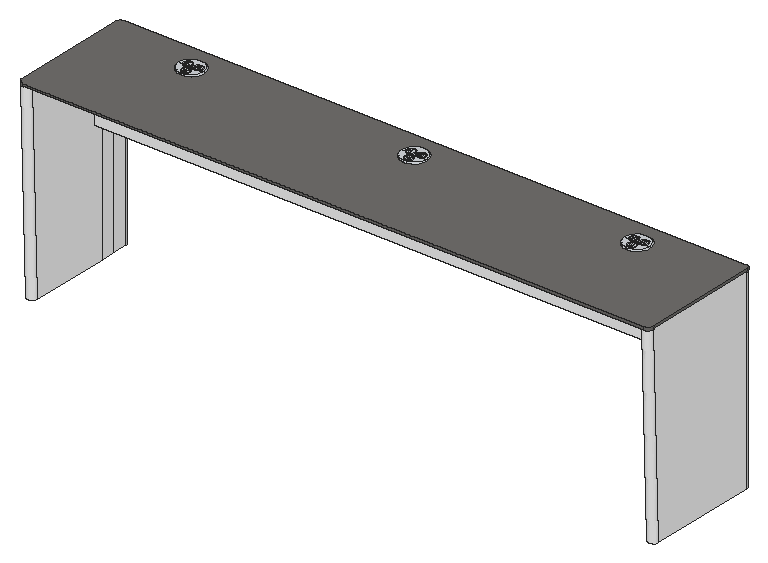
Revit family "Table-Without_Shelf-Teknion-STCRT-Cavu_Parsons_Table-With_Power-R2014", category Furniture, Revit 2014
Parameters (values of type "119" w x 24" d x 37" h")
  Width = 9' - 11"
  Warranty = "http://www.teknionstudio.com/pdfs/Teknion%20Studio%20Warranty.pdf"
  Voltage = 125 V  # constant formula
  Unit Weight = 0.00 kip  # constant formula
  URL = "www.teknionstudio.com"
  Table Finish [instance] = Veneer - StudioTK - P7 - Weathered
  Series = "Studio"  # constant formula
  Product Page URL = ""
  Product Line = "Cavu"  # constant formula
  Product Documentation Link = "http://www.teknionstudio.com/pricing/STCRT_ppg.pdf"
  Power Finish [instance] = Paint - StudioTK - 7Y - Storm_White_Coordinate
  Power Factor = 1  # constant formula
  Part Number = "STCRT"  # constant formula
  Number of Poles = 1
  Number of Outlets = if(Width = 6' 0", 2, 3)  # 3
  Model = "STCRT1192437SN"
  Manufacturer Phone = "919-464-2920"  # constant formula
  Manufacturer Fax = "919-464-2927"  # constant formula
  Manufacturer Email = "customersupport@teknionstudio.com"
  Manufacturer Address = "3941 US 70 Business HWY West, Clayton, NC 27520"  # constant formula
  Manufacturer = "StudioTK"  # constant formula
  Low Emitting Material = yes
  Low Emitting Finish = yes
  Leg grommet offset = if(Depth = 2' 0", 0' 3", 1' 5 1/2")  # 0' - 3"
  Leg Offset Side B = if(Depth = 2' 0", 0' 1 1/16", 0' 2 5/16")  # 0' - 1 1/16"
  Height = 3' - 1"
  Gable Offset = if(Depth = 2' 0", 1' 3 1/2", 1' 5 1/2")  # 1' - 3 1/2"
  Description = "Cavu Parsons Table, 119\"W / 302cm, 24\"D / 61cm, 37\"H / 94cm, With Shelf, Without Power"
  Depth = 2' - 0"
  Connector Description = "Parsons Table USB & Power"  # constant formula
  Base Finish [instance] = Metal - StudioTK - V - Painted Very White
  Assembly Code = "E2020200"
Types (12): name | Width | Number of Outlets | Model | Leg grommet offset | Leg Offset Side B | Height | Gable Offset | Description | Depth
  72" w x 24" d x 37" h | 6' - 0" | 2 | "STCRT722437SN" | 0' - 3" | 0' - 1 1/16" | 3' - 1" | 1' - 3 1/2" | "Cavu Parsons Table, 72\"W / 183cm, 24\"D / 61cm, 37\"H / 94cm, With Shelf, Without Power" | 2' - 0"
  72" w x 24" d x 43" h | 6' - 0" | 2 | "STCRT722443SN" | 0' - 3" | 0' - 1 1/16" | 3' - 7" | 1' - 3 1/2" | "Cavu Parsons Table, 72\"W / 183cm, 24\"D / 61cm, 43\"H / 109cm, With Shelf, Without Power" | 2' - 0"
  72" w x 42" d x 37" h | 6' - 0" | 2 | "STCRT724237SN" | 1' - 5 1/2" | 0' - 2 5/16" | 3' - 1" | 1' - 5 1/2" | "Cavu Parsons Table, 72\"W / 183cm, 42\"D / 107cm, 37\"H / 94cm, With Shelf, Without Power" | 3' - 6"
  72" w x 42" d x 43" h | 6' - 0" | 2 | "STCRT724243SN" | 1' - 5 1/2" | 0' - 2 5/16" | 3' - 7" | 1' - 5 1/2" | "Cavu Parsons Table, 72\"W / 183cm, 42\"D / 107cm, 43\"H / 109cm, With Shelf, Without Power" | 3' - 6"
  95" w x 24" d x 37" h | 7' - 11" | 3 | "STCRT952437SN" | 0' - 3" | 0' - 1 1/16" | 3' - 1" | 1' - 3 1/2" | "Cavu Parsons Table, 95\"W / 241cm, 24\"D / 61cm, 37\"H / 94cm, With Shelf, Without Power" | 2' - 0"
  95" w x 24" d x 43" h | 7' - 11" | 3 | "STCRT952443SN" | 0' - 3" | 0' - 1 1/16" | 3' - 7" | 1' - 3 1/2" | "Cavu Parsons Table, 95\"W / 241cm, 24\"D / 61cm, 43\"H / 109cm, With Shelf, Without Power" | 2' - 0"
  95" w x 42" d x 37" h | 7' - 11" | 3 | "STCRT954237SN" | 1' - 5 1/2" | 0' - 2 5/16" | 3' - 1" | 1' - 5 1/2" | "Cavu Parsons Table, 95\"W / 241cm, 42\"D / 107cm, 37\"H / 94cm, With Shelf, Without Power" | 3' - 6"
  95" w x 42" d x 43" h | 7' - 11" | 3 | "STCRT954243SN" | 1' - 5 1/2" | 0' - 2 5/16" | 3' - 7" | 1' - 5 1/2" | "Cavu Parsons Table, 95\"W / 241cm, 42\"D / 107cm, 43\"H / 109cm, With Shelf, Without Power" | 3' - 6"
  119" w x 24" d x 37" h | 9' - 11" | 3 | "STCRT1192437SN" | 0' - 3" | 0' - 1 1/16" | 3' - 1" | 1' - 3 1/2" | "Cavu Parsons Table, 119\"W / 302cm, 24\"D / 61cm, 37\"H / 94cm, With Shelf, Without Power" | 2' - 0"
  119" w x 24" d x 43" h | 9' - 11" | 3 | "STCRT1192443SN" | 0' - 3" | 0' - 1 1/16" | 3' - 7" | 1' - 3 1/2" | "Cavu Parsons Table, 119\"W / 302cm, 24\"D / 61cm, 43\"H / 109cm, With Shelf, Without Power" | 2' - 0"
  119" w x 42" d x 37" h | 9' - 11" | 3 | "STCRT1194237SN" | 1' - 5 1/2" | 0' - 2 5/16" | 3' - 1" | 1' - 5 1/2" | "Cavu Parsons Table, 119\"W / 302cm, 42\"D / 107cm, 37\"H / 94cm, With Shelf, Without Power" | 3' - 6"
  119" w x 42" d x 43" h | 9' - 11" | 3 | "STCRT1194243SN" | 1' - 5 1/2" | 0' - 2 5/16" | 3' - 7" | 1' - 5 1/2" | "Cavu Parsons Table, 119\"W / 302cm, 42\"D / 107cm, 43\"H / 109cm, With Shelf, Without Power" | 3' - 6"
Reference planes (in)
  plane 1 "Center Front/Back": y = 0
  plane 2: z = 0
  plane 3 "Center Left/Right": x = 0
  plane 4 "Inside Left": x = -57.47
  plane 5 "Inside Right": x = 57.46875
  plane 6 "Front": y = -12
  plane 7 "Back": y = 12
  plane 8 "Left": x = -59.5
  plane 9 "Right": x = 59.5
  plane 10 "Top": z = 37
  plane 11 "Center Glable": y = 3.5
  plane 12: y = -3.5
  plane 13 "offset shelf left": x = -39.05469
  plane 14: x = 39.05469
  plane 15: x = -42
  plane 16: x = 42
Forms (in)
  Extrusion 1, solid, material "Veneer - StudioTK - P7 - Weathered" <- "Table Finish"
    sketch origin (0, 0, 0) x (1, 0, 0) y (0, 1, 0)
      loop
        arc (-58.5, 12) -> (-59.20711, 11.70711) -> (-59.5, 11) r 1
        line (-59.5, 11) -> (-59.5, -11)
        arc (-59.5, -11) -> (-59.20711, -11.70711) -> (-58.5, -12) r 1
        line (-58.5, -12) -> (58.5, -12)
        arc (58.5, -12) -> (59.20711, -11.70711) -> (59.5, -11) r 1
        line (59.5, -11) -> (59.5, 11)
        arc (59.5, 11) -> (59.20711, 11.70711) -> (58.5, 12) r 1
        line (58.5, 12) -> (-58.5, 12)
    from 36.5 to 37
  Extrusion 2, solid, material "Metal - StudioTK - V - Painted Very White" <- "Base Finish"
    sketch origin (0, 0, 0) x (1, 0, 0) y (0, 1, 0)
      loop
        line (-58.485, 7.9375) -> (-58.485, 7.8125) -> (-57.595, 7.8125) -> (-57.595, 5.5625) -> (-58.485, 5.5625) -> (-58.485, 5.4375) -> (-57.47, 5.4375) -> (-57.47, 7.9375) -> (-58.485, 7.9375)
    from 0 to 36.5
  Extrusion 3, solid, material "Metal - StudioTK - V - Painted Very White" <- "Base Finish"
    sketch origin (-57.47, 0, 0) x (0, 1, 0) y (0, 0, 1)
      loop
        line (5, 36.5) -> (3.5, 36.5) -> (3.5, 23.63) -> (5, 23.63) -> (5, 23.75109) -> (3.62109, 23.75109) -> (3.62109, 36.37891) -> (5, 36.37891) -> (5, 36.5)
      loop
        line (9, 36.5) -> (9, 36.37891) -> (10.37891, 36.37891) -> (10.37891, 23.75109) -> (9, 23.75109) -> (9, 23.63) -> (10.5, 23.63) -> (10.5, 36.5) -> (9, 36.5)
    from 0 to 114.93875
  Blend 4, solid, material "Metal - StudioTK - V - Painted Very White" <- "Base Finish"
    base sketch origin (-11.5, 0, 0) x (1, 0, 0) y (0, 1, 0)
      loop
        arc (-48, -9.7) -> (-46.985, -10.715) -> (-45.97, -9.7) r 1.015
        line (-45.97, -9.7) -> (-45.97, 5.4375) -> (-46.985, 5.4375) -> (-46.985, 7.9375) -> (-45.97, 7.9375) -> (-45.97, 10.9375)
        arc (-45.97, 10.9375) -> (-46.985, 11.9525) -> (-48, 10.9375) r 1.015
        line (-48, 10.9375) -> (-48, -9.7)
    top sketch origin (-11.5, 0, 0) x (1, 0, 0) y (0, 1, 0)
      loop
        line (-48, 10.95) -> (-48, -10.9)
        arc (-48, -10.9) -> (-46.985, -11.915) -> (-45.97, -10.9) r 1.015
        line (-45.97, -10.9) -> (-45.97, 5.4375) -> (-46.985, 5.4375) -> (-46.985, 7.9375) -> (-45.97, 7.9375) -> (-45.97, 10.95)
        arc (-45.97, 10.95) -> (-46.985, 11.965) -> (-48, 10.95) r 1.015
    from 0 to 36.5
  Blend 5, solid, material "Metal - StudioTK - V - Painted Very White" <- "Base Finish"
    base sketch origin (11.5, 0, 0) x (-1, 0, 0) y (0, -1, 0)
      loop
        line (-48, 9.7) -> (-48, -10.9375)
        arc (-48, -10.9375) -> (-46.985, -11.9525) -> (-45.97, -10.9375) r 1.015
        line (-45.97, -10.9375) -> (-45.97, -7.9375) -> (-46.985, -7.9375) -> (-46.985, -5.4375) -> (-45.97, -5.4375) -> (-45.97, 9.7)
        arc (-45.97, 9.7) -> (-46.985, 10.715) -> (-48, 9.7) r 1.015
    top sketch origin (11.5, 0, 0) x (-1, 0, 0) y (0, -1, 0)
      loop
        arc (-48, -10.95) -> (-46.985, -11.965) -> (-45.97, -10.95) r 1.015
        line (-45.97, -10.95) -> (-45.97, -7.9375) -> (-46.985, -7.9375) -> (-46.985, -5.4375) -> (-45.97, -5.4375) -> (-45.97, 10.9)
        arc (-45.97, 10.9) -> (-46.985, 11.915) -> (-48, 10.9) r 1.015
        line (-48, 10.9) -> (-48, -10.95)
    from 0 to 36.5
  Extrusion 6, solid, material "Metal - StudioTK - V - Painted Very White" <- "Base Finish"
    sketch origin (0, 0, 0) x (-1, 0, 0) y (0, -1, 0)
      loop
        line (-58.485, -7.9375) -> (-57.46875, -7.9375) -> (-57.46875, -5.4375) -> (-58.485, -5.4375) -> (-58.485, -5.5625) -> (-57.59375, -5.5625) -> (-57.59375, -7.8125) -> (-58.485, -7.8125) -> (-58.485, -7.9375)
    from 0 to 36.5
Lines and regions (in)
  Masking region 1
    outline origin (0, 0, 0) x (1, 0, 0) y (0, 1, 0)
      loop
        arc (-58.5, 12) -> (-59.20711, 11.70711) -> (-59.5, 11) r 1
        line (-59.5, 11) -> (-59.5, -11)
        arc (-59.5, -11) -> (-59.20711, -11.70711) -> (-58.5, -12) r 1
        line (-58.5, -12) -> (58.5, -12)
        arc (58.5, -12) -> (59.20711, -11.70711) -> (59.5, -11) r 1
        line (59.5, -11) -> (59.5, 11)
        arc (59.5, 11) -> (59.20711, 11.70711) -> (58.5, 12) r 1
        line (58.5, 12) -> (-58.5, 12)
  symbolic lines, style "FurnitureHiddenLines", detail levels medium+fine
    curve 1: arc (-59.5, -10.9, 0) -> (-58.485, -11.915, 0) -> (-57.47, -10.9, 0) r 1.015
    curve 2: line (-59.5, 10.9375, 0) -> (-59.5, -10.9, 0)
    curve 3: arc (-57.47, 10.9375, 0) -> (-58.485, 11.9525, 0) -> (-59.5, 10.9375, 0) r 1.015
    curve 4: arc (59.5, 10.9375, 0) -> (58.485, 11.9525, 0) -> (57.47, 10.9375, 0) r 1.015
    curve 5: line (59.5, -10.9, 0) -> (59.5, 10.9375, 0)
    curve 6: arc (57.47, -10.9, 0) -> (58.485, -11.915, 0) -> (59.5, -10.9, 0) r 1.015
    curve 23: line (-57.47, 5, 0) -> (57.47, 5, 0)
    curve 24: line (-57.47, 3.62109, 0) -> (57.47, 3.62109, 0)
    curve 25: line (-57.47, 9, 0) -> (57.47, 9, 0)
    curve 26: line (-57.47, 10.37891, 0) -> (57.47, 10.37891, 0)
    curve 28: line (-57.47, 7.9375, 0) -> (-57.47, 10.9375, 0)
    curve 32: line (-57.47, -10.9, 0) -> (-57.47, 5.4375, 0)
    curve 33: line (57.47, 5.4375, 0) -> (57.47, -10.9, 0)
    curve 37: line (57.47, 10.9375, 0) -> (57.47, 7.9375, 0)
  symbolic lines, detail levels fine
    curve 7: line (-57.47, 7.9375, 0) -> (-58.485, 7.9375, 0)
    curve 8: line (-57.47, 5.4375, 0) -> (-57.47, 7.9375, 0)
    curve 9: line (-58.485, 5.4375, 0) -> (-57.47, 5.4375, 0)
    curve 10: line (-58.485, 5.5625, 0) -> (-58.485, 5.4375, 0)
    curve 11: line (-57.595, 5.5625, 0) -> (-58.485, 5.5625, 0)
    curve 12: line (-57.595, 7.8125, 0) -> (-57.595, 5.5625, 0)
    curve 13: line (-58.485, 7.8125, 0) -> (-57.595, 7.8125, 0)
    curve 14: line (-58.485, 7.9375, 0) -> (-58.485, 7.8125, 0)
    curve 15: line (58.485, 7.8125, 0) -> (58.485, 7.9375, 0)
    curve 16: line (57.59375, 7.8125, 0) -> (58.485, 7.8125, 0)
    curve 17: line (57.59375, 5.5625, 0) -> (57.59375, 7.8125, 0)
    curve 18: line (58.485, 5.5625, 0) -> (57.59375, 5.5625, 0)
    curve 19: line (58.485, 5.4375, 0) -> (58.485, 5.5625, 0)
    curve 20: line (57.46875, 7.9375, 0) -> (57.46875, 5.4375, 0)
    curve 21: line (58.485, 7.9375, 0) -> (57.46875, 7.9375, 0)
    curve 22: line (57.46875, 5.4375, 0) -> (58.485, 5.4375, 0)
    curve 48: arc (-43.72326, 7.51127, 0) -> (-42.97326, 8.26127, 0) -> (-42.22326, 7.51127, 0) r 0.75
    curve 49: arc (-42.22326, 7.51127, 0) -> (-42.97326, 6.76127, 0) -> (-43.72326, 7.51127, 0) r 0.75
    curve 50: arc (-43.44223, 7.75014, 0) -> (-43.23544, 7.5653, 0) -> (-43.50592, 7.50389, 0) r 0.15605
    curve 51: arc (-43.50592, 7.50389, 0) -> (-43.48334, 7.62941, 0) -> (-43.44223, 7.75014, 0) r 0.85
    curve 52: line (-43.12716, 7.39355, 0) -> (-42.59468, 7.25584, 0)
    curve 53: line (-42.59468, 7.25584, 0) -> (-42.63223, 7.11062, 0)
    curve 54: line (-42.63223, 7.11062, 0) -> (-43.16471, 7.24832, 0)
    curve 55: line (-43.16471, 7.24832, 0) -> (-43.12716, 7.39355, 0)
    curve 56: line (-42.52499, 7.52531, 0) -> (-43.05747, 7.66301, 0)
    curve 57: line (-43.05747, 7.66301, 0) -> (-43.01991, 7.80824, 0)
    curve 58: line (-43.01991, 7.80824, 0) -> (-42.48743, 7.67053, 0)
    curve 59: line (-42.48743, 7.67053, 0) -> (-42.52499, 7.52531, 0)
    curve 60: line (-41.38536, 7.23004, 0) -> (-41.38536, 7.78004, 0)
    curve 61: line (-41.38536, 7.78004, 0) -> (-41.18536, 7.78004, 0)
    curve 62: line (-41.18536, 7.78004, 0) -> (-41.18536, 7.23004, 0)
    curve 63: line (-41.18536, 7.23004, 0) -> (-41.38536, 7.23004, 0)
    curve 64: line (-40.90115, 7.23004, 0) -> (-40.90115, 7.78004, 0)
    curve 65: line (-40.90115, 7.78004, 0) -> (-40.70115, 7.78004, 0)
    curve 66: line (-40.70115, 7.78004, 0) -> (-40.70115, 7.23004, 0)
    curve 67: line (-40.70115, 7.23004, 0) -> (-40.90115, 7.23004, 0)
    curve 68: line (-41.71909, 6.25766, 0) -> (-41.71909, 5.70766, 0)
    curve 69: line (-41.71909, 5.70766, 0) -> (-41.86909, 5.70766, 0)
    curve 70: line (-41.86909, 5.70766, 0) -> (-41.86909, 6.25766, 0)
    curve 71: line (-41.86909, 6.25766, 0) -> (-41.71909, 6.25766, 0)
    curve 72: line (-42.14743, 6.25766, 0) -> (-42.14743, 5.70766, 0)
    curve 73: line (-42.14743, 5.70766, 0) -> (-42.29743, 5.70766, 0)
    curve 74: line (-42.29743, 5.70766, 0) -> (-42.29743, 6.25766, 0)
    curve 75: line (-42.29743, 6.25766, 0) -> (-42.14743, 6.25766, 0)
    curve 76: arc (-42.13543, 5.31333, 0) -> (-42.00826, 5.55982, 0) -> (-41.88108, 5.31333, 0) r 0.15605
    curve 77: arc (-41.88108, 5.31333, 0) -> (-42.00826, 5.30377, 0) -> (-42.13543, 5.31333, 0) r 0.85
    curve 88: arc (40.27674, 7.51127, 0) -> (41.02674, 8.26127, 0) -> (41.77674, 7.51127, 0) r 0.75
    curve 89: arc (41.77674, 7.51127, 0) -> (41.02674, 6.76127, 0) -> (40.27674, 7.51127, 0) r 0.75
    curve 90: arc (40.55777, 7.75014, 0) -> (40.76456, 7.5653, 0) -> (40.49408, 7.50389, 0) r 0.15605
    curve 91: arc (40.49408, 7.50389, 0) -> (40.51666, 7.62941, 0) -> (40.55777, 7.75014, 0) r 0.85
    curve 92: line (40.87284, 7.39355, 0) -> (41.40532, 7.25584, 0)
    curve 93: line (41.40532, 7.25584, 0) -> (41.36777, 7.11062, 0)
    curve 94: line (41.36777, 7.11062, 0) -> (40.83529, 7.24832, 0)
    curve 95: line (40.83529, 7.24832, 0) -> (40.87284, 7.39355, 0)
    curve 96: line (41.47501, 7.52531, 0) -> (40.94253, 7.66301, 0)
    curve 97: line (40.94253, 7.66301, 0) -> (40.98009, 7.80824, 0)
    curve 98: line (40.98009, 7.80824, 0) -> (41.51257, 7.67053, 0)
    curve 99: line (41.51257, 7.67053, 0) -> (41.47501, 7.52531, 0)
    curve 100: line (42.61464, 7.23004, 0) -> (42.61464, 7.78004, 0)
    curve 101: line (42.61464, 7.78004, 0) -> (42.81464, 7.78004, 0)
    curve 102: line (42.81464, 7.78004, 0) -> (42.81464, 7.23004, 0)
    curve 103: line (42.81464, 7.23004, 0) -> (42.61464, 7.23004, 0)
    curve 104: line (43.09885, 7.23004, 0) -> (43.09885, 7.78004, 0)
    curve 105: line (43.09885, 7.78004, 0) -> (43.29885, 7.78004, 0)
    curve 106: line (43.29885, 7.78004, 0) -> (43.29885, 7.23004, 0)
    curve 107: line (43.29885, 7.23004, 0) -> (43.09885, 7.23004, 0)
    curve 108: line (42.28091, 6.25766, 0) -> (42.28091, 5.70766, 0)
    curve 109: line (42.28091, 5.70766, 0) -> (42.13091, 5.70766, 0)
    curve 110: line (42.13091, 5.70766, 0) -> (42.13091, 6.25766, 0)
    curve 111: line (42.13091, 6.25766, 0) -> (42.28091, 6.25766, 0)
    curve 112: line (41.85257, 6.25766, 0) -> (41.85257, 5.70766, 0)
    curve 113: line (41.85257, 5.70766, 0) -> (41.70257, 5.70766, 0)
    curve 114: line (41.70257, 5.70766, 0) -> (41.70257, 6.25766, 0)
    curve 115: line (41.70257, 6.25766, 0) -> (41.85257, 6.25766, 0)
    curve 116: arc (41.86457, 5.31333, 0) -> (41.99174, 5.55982, 0) -> (42.11892, 5.31333, 0) r 0.15605
    curve 117: arc (42.11892, 5.31333, 0) -> (41.99174, 5.30377, 0) -> (41.86457, 5.31333, 0) r 0.85
    curve 128: arc (-1.72326, 7.51127, 0) -> (-0.97326, 8.26127, 0) -> (-0.22326, 7.51127, 0) r 0.75
    curve 129: arc (-0.22326, 7.51127, 0) -> (-0.97326, 6.76127, 0) -> (-1.72326, 7.51127, 0) r 0.75
    curve 130: arc (-1.44223, 7.75014, 0) -> (-1.23544, 7.5653, 0) -> (-1.50592, 7.50389, 0) r 0.15605
    curve 131: arc (-1.50592, 7.50389, 0) -> (-1.48334, 7.62941, 0) -> (-1.44223, 7.75014, 0) r 0.85
    curve 132: line (-1.12716, 7.39355, 0) -> (-0.59468, 7.25584, 0)
    curve 133: line (-0.59468, 7.25584, 0) -> (-0.63223, 7.11062, 0)
    curve 134: line (-0.63223, 7.11062, 0) -> (-1.16471, 7.24832, 0)
    curve 135: line (-1.16471, 7.24832, 0) -> (-1.12716, 7.39355, 0)
    curve 136: line (-0.52499, 7.52531, 0) -> (-1.05747, 7.66301, 0)
    curve 137: line (-1.05747, 7.66301, 0) -> (-1.01991, 7.80824, 0)
    curve 138: line (-1.01991, 7.80824, 0) -> (-0.48743, 7.67053, 0)
    curve 139: line (-0.48743, 7.67053, 0) -> (-0.52499, 7.52531, 0)
    curve 140: line (0.61464, 7.23004, 0) -> (0.61464, 7.78004, 0)
    curve 141: line (0.61464, 7.78004, 0) -> (0.81464, 7.78004, 0)
    curve 142: line (0.81464, 7.78004, 0) -> (0.81464, 7.23004, 0)
    curve 143: line (0.81464, 7.23004, 0) -> (0.61464, 7.23004, 0)
    curve 144: line (1.09885, 7.23004, 0) -> (1.09885, 7.78004, 0)
    curve 145: line (1.09885, 7.78004, 0) -> (1.29885, 7.78004, 0)
    curve 146: line (1.29885, 7.78004, 0) -> (1.29885, 7.23004, 0)
    curve 147: line (1.29885, 7.23004, 0) -> (1.09885, 7.23004, 0)
    curve 148: line (0.28091, 6.25766, 0) -> (0.28091, 5.70766, 0)
    curve 149: line (0.28091, 5.70766, 0) -> (0.13091, 5.70766, 0)
    curve 150: line (0.13091, 5.70766, 0) -> (0.13091, 6.25766, 0)
    curve 151: line (0.13091, 6.25766, 0) -> (0.28091, 6.25766, 0)
    curve 152: line (-0.14743, 6.25766, 0) -> (-0.14743, 5.70766, 0)
    curve 153: line (-0.14743, 5.70766, 0) -> (-0.29743, 5.70766, 0)
    curve 154: line (-0.29743, 5.70766, 0) -> (-0.29743, 6.25766, 0)
    curve 155: line (-0.29743, 6.25766, 0) -> (-0.14743, 6.25766, 0)
    curve 156: arc (-0.13543, 5.31333, 0) -> (-0.00826, 5.55982, 0) -> (0.11892, 5.31333, 0) r 0.15605
    curve 157: arc (0.11892, 5.31333, 0) -> (-0.00826, 5.30377, 0) -> (-0.13543, 5.31333, 0) r 0.85
  symbolic lines, style "FurnitureHiddenLines", not visible, detail levels fine
    curve 27: line (57.47, -2.75, 0) -> (-57.47, -2.75, 0)
  symbolic lines, detail levels medium+fine
    curve 29: line (-58.485, 7.9375, 0) -> (-57.47, 7.9375, 0)
    curve 30: line (-58.485, 5.4375, 0) -> (-58.485, 7.9375, 0)
    curve 31: line (-57.47, 5.4375, 0) -> (-58.485, 5.4375, 0)
    curve 34: line (58.485, 5.4375, 0) -> (57.46875, 5.4375, 0)
    curve 35: line (58.485, 7.9375, 0) -> (58.485, 5.4375, 0)
    curve 36: line (57.46875, 7.9375, 0) -> (58.485, 7.9375, 0)
    curve 40: arc (-44.33069, 7, 0) -> (-42, 9.33069, 0) -> (-39.66931, 7, 0) r 2.33069
    curve 41: arc (-39.66931, 7, 0) -> (-42, 4.66931, 0) -> (-44.33069, 7, 0) r 2.33069
    curve 42: arc (-42.8016, 5.84127, 0) -> (-42.00826, 5.04793, 0) -> (-41.21492, 5.84127, 0) r 0.79334
    curve 43: arc (-41.21492, 5.84127, 0) -> (-42.00826, 6.6346, 0) -> (-42.8016, 5.84127, 0) r 0.79334
    curve 44: arc (-43.77002, 7.51127, 0) -> (-42.97326, 6.71451, 0) -> (-42.1765, 7.51127, 0) r 0.79676
    curve 45: arc (-42.1765, 7.51127, 0) -> (-42.97326, 8.30803, 0) -> (-43.77002, 7.51127, 0) r 0.79676
    curve 46: arc (-40.25305, 7.51127, 0) -> (-41.04326, 8.30147, 0) -> (-41.83347, 7.51127, 0) r 0.79021
    curve 47: arc (-41.83347, 7.51127, 0) -> (-41.04326, 6.72106, 0) -> (-40.25305, 7.51127, 0) r 0.79021
    curve 80: arc (39.66931, 7, 0) -> (42, 9.33069, 0) -> (44.33069, 7, 0) r 2.33069
    curve 81: arc (44.33069, 7, 0) -> (42, 4.66931, 0) -> (39.66931, 7, 0) r 2.33069
    curve 82: arc (41.1984, 5.84127, 0) -> (41.99174, 5.04793, 0) -> (42.78508, 5.84127, 0) r 0.79334
    curve 83: arc (42.78508, 5.84127, 0) -> (41.99174, 6.6346, 0) -> (41.1984, 5.84127, 0) r 0.79334
    curve 84: arc (40.22998, 7.51127, 0) -> (41.02674, 6.71451, 0) -> (41.8235, 7.51127, 0) r 0.79676
    curve 85: arc (41.8235, 7.51127, 0) -> (41.02674, 8.30803, 0) -> (40.22998, 7.51127, 0) r 0.79676
    curve 86: arc (43.74695, 7.51127, 0) -> (42.95674, 8.30147, 0) -> (42.16653, 7.51127, 0) r 0.79021
    curve 87: arc (42.16653, 7.51127, 0) -> (42.95674, 6.72106, 0) -> (43.74695, 7.51127, 0) r 0.79021
    curve 120: arc (-2.33069, 7, 0) -> (0, 9.33069, 0) -> (2.33069, 7, 0) r 2.33069
    curve 121: arc (2.33069, 7, 0) -> (0, 4.66931, 0) -> (-2.33069, 7, 0) r 2.33069
    curve 122: arc (-0.8016, 5.84127, 0) -> (-0.00826, 5.04793, 0) -> (0.78508, 5.84127, 0) r 0.79334
    curve 123: arc (0.78508, 5.84127, 0) -> (-0.00826, 6.6346, 0) -> (-0.8016, 5.84127, 0) r 0.79334
    curve 124: arc (-1.77002, 7.51127, 0) -> (-0.97326, 6.71451, 0) -> (-0.1765, 7.51127, 0) r 0.79676
    curve 125: arc (-0.1765, 7.51127, 0) -> (-0.97326, 8.30803, 0) -> (-1.77002, 7.51127, 0) r 0.79676
    curve 126: arc (1.74695, 7.51127, 0) -> (0.95674, 8.30147, 0) -> (0.16653, 7.51127, 0) r 0.79021
    curve 127: arc (0.16653, 7.51127, 0) -> (0.95674, 6.72106, 0) -> (1.74695, 7.51127, 0) r 0.79021
  symbolic lines
    curve 38: arc (-39.56, 7, 0) -> (-42, 9.44, 0) -> (-44.44, 7, 0) r 2.44
    curve 39: arc (-44.44, 7, 0) -> (-42, 4.56, 0) -> (-39.56, 7, 0) r 2.44
    curve 78: arc (44.44, 7, 0) -> (42, 9.44, 0) -> (39.56, 7, 0) r 2.44
    curve 79: arc (39.56, 7, 0) -> (42, 4.56, 0) -> (44.44, 7, 0) r 2.44
    curve 118: arc (2.44, 7, 0) -> (0, 9.44, 0) -> (-2.44, 7, 0) r 2.44
    curve 119: arc (-2.44, 7, 0) -> (0, 4.56, 0) -> (2.44, 7, 0) r 2.44
Dimensions and locks (in)
  equal spacing: plane 7 "Back", plane 1 "Center Front/Back", plane 6 "Front"
  "Depth": plane 7 "Back" to plane 6 "Front"
  "Width": plane 8 "Left" to plane 9 "Right"
  equal spacing: plane 8 "Left", plane 3 "Center Left/Right", plane 9 "Right"
  plane 8 "Left" to plane 4 "Inside Left" = 0' - 2.03"
  locked: plane 5 "Inside Right" to plane 9 "Right" at 2.03125
  "Height": plane 10 "Top" to level
  locked: plane 10 "Top" to Extrusion 1 at 0.5
  locked: Extrusion 2 sketch curve to Extrusion 2 sketch curve at 0.125
  locked: Extrusion 3 sketch curve to plane 11 "Center Glable" at 1.5  (x2)
  locked: Extrusion 3 sketch curve to plane 11 "Center Glable" at 0.12109
  locked: Extrusion 3 sketch curve to Extrusion 3 sketch curve at 0.12109  (x2)
  locked: Extrusion 3 sketch curve to Extrusion 3 sketch curve at 4  (x2)
  locked: Extrusion 3 sketch curve to Extrusion 3 sketch curve at 1.37891
  locked: Blend 4 sketch curve to Blend 4 sketch curve at 2.03
  Blend 4 sketch curve to Blend 4 sketch curve = 0' - 1.015"
  locked: Blend 4 sketch curve to Blend 4 sketch curve at 2.5
  locked: Blend 4 sketch curve to Blend 4 sketch curve at 1.015
  "Gable Offset": plane 11 "Center Glable" to plane 6 "Front"
  locked: Blend 5 sketch curve to Blend 5 sketch curve at 2.03
  Blend 5 sketch curve to Blend 5 sketch curve = 0' - 1.015"
  locked: Blend 5 sketch curve to Blend 5 sketch curve at 2.5
  locked: Blend 5 sketch curve to Blend 5 sketch curve at 1.015
  locked: Extrusion 6 sketch curve to Extrusion 6 sketch curve at 0.125  (x2)
  locked: plane 5 "Inside Right" to Extrusion 6 sketch curve at 0.125
  "Leg Offset Side B": plane 7 "Back" to Blend 4 sketch curve
  "Leg Offset Side B": plane 7 "Back" to Blend 5 sketch curve
  plane 7 "Back" to plane 6 "Front" = 2' - 0"
  "Gable Offset": plane 7 "Back" to plane 12
  locked: plane 8 "Left" to plane 13 "offset shelf left" at 20.44531
  "Leg grommet offset": Blend 4 sketch curve to Blend 4 sketch curve
  "Leg grommet offset": Blend 5 sketch curve to Blend 5 sketch curve
  Extrusion 2 sketch curve to Extrusion 2 sketch curve to Extrusion 2 sketch curve to Extrusion 2 sketch curve = 0' - 0 1/8" locked, 0' - 2 1/4" locked, 0' - 0 1/8" locked
  locked: Extrusion 2 sketch curve to Extrusion 2 sketch curve at 1.015  (x2)
  locked: plane 10 "Top" to Extrusion 3 at 0.5  (x2)
  equal spacing: Extrusion 3, nested 1, Extrusion 3, locked at 2 each
  locked: plane 8 "Left" to nested 1 at 17.5
  Extrusion 3 to Extrusion 3 = 0' - 4"
  locked: plane 8 "Left" to plane 15 at 17.5
  locked: plane 16 to plane 9 "Right" at 17.5
  equal spacing: group 1, group 3, group 2  (x3)
  locked: plane 14 to plane 9 "Right" at 20.44531
  aligned and locked: level to plane 2
  aligned and locked: Masking region 1 sketch curve to Extrusion 1  (x4)
  aligned and locked: Extrusion 1 sketch curve to plane 7 "Back"
  aligned and locked: Extrusion 1 sketch curve to plane 6 "Front"
  aligned and locked: Extrusion 1 to plane 8 "Left"
  aligned and locked: Extrusion 1 sketch curve to plane 9 "Right"
  aligned and locked: Extrusion 1 to plane 10 "Top"
  aligned and locked: Extrusion 2 sketch curve to plane 4 "Inside Left"
  aligned and locked: Extrusion 2 to plane 2
  aligned and locked: Extrusion 3 sketch curve to plane 11 "Center Glable"
  aligned and locked: Extrusion 3 sketch curve to Extrusion 3 sketch curve  (x4)
  aligned and locked: Extrusion 3 to plane 4 "Inside Left"
  aligned and locked: plane 5 "Inside Right" to Extrusion 3
  aligned and locked: Blend 4 sketch curve to Blend 4 sketch curve
  aligned and locked: Blend 4 to plane 8 "Left"
  aligned and locked: plane 4 "Inside Left" to Blend 4
  aligned and locked: Blend 5 sketch curve to Blend 5 sketch curve
  aligned and locked: plane 9 "Right" to Extrusion 1
  aligned and locked: Extrusion 6 sketch curve to Blend 5  (x4)
  aligned and locked: Extrusion 6 sketch curve to plane 5 "Inside Right"
  aligned and locked: Blend 4 sketch curve to var sketch  (x2)
  aligned and locked: Blend 5 sketch curve to var sketch  (x2)
  aligned and locked: Extrusion 2 to Blend 4
  aligned and locked: Blend 4 to Extrusion 1
  aligned and locked: Extrusion 1 to Blend 4  (x10)
  aligned and locked: Blend 5 to Extrusion 1
  aligned and locked: Extrusion 2 to Extrusion 1
  aligned and locked: Extrusion 6 to Extrusion 1
  aligned and locked: curve 1 to Blend 4
  aligned and locked: Extrusion 1 to curve 2
  aligned and locked: curve 6 to Blend 5
  aligned and locked: curve 7 to Extrusion 2
  aligned and locked: curve 8 to Extrusion 2
  aligned and locked: curve 9 to Extrusion 2
  aligned and locked: curve 10 to Extrusion 2
  aligned and locked: curve 11 to Extrusion 2
  aligned and locked: curve 12 to Extrusion 2
  aligned and locked: curve 13 to Extrusion 2
  aligned and locked: curve 14 to Extrusion 2
  aligned and locked: curve 15 to Extrusion 6
  aligned and locked: curve 16 to Extrusion 6
  aligned and locked: curve 17 to Extrusion 6
  aligned and locked: curve 18 to Extrusion 6
  aligned and locked: curve 19 to Extrusion 6
  aligned and locked: curve 20 to Extrusion 6
  aligned and locked: curve 21 to Extrusion 6
  aligned and locked: curve 22 to Extrusion 6
  aligned and locked: curve 23 to Extrusion 3
  aligned and locked: curve 24 to Extrusion 3
  aligned and locked: curve 25 to Extrusion 3
  aligned and locked: curve 26 to Extrusion 3
  aligned and locked: curve 28 to Blend 4
  aligned and locked: curve 29 to Blend 4
  aligned and locked: curve 30 to Blend 4
  aligned and locked: curve 31 to Blend 4
  aligned and locked: curve 33 to Blend 5
  aligned and locked: curve 34 to Blend 5
  aligned and locked: curve 35 to Blend 5
  aligned and locked: curve 36 to Blend 5
  aligned and locked: Blend 5 to curve 37
  aligned and locked: plane 10 "Top" to nested 1
  aligned and locked: plane 15 to nested 1
  aligned and locked: plane 16 to nested 2
  aligned and locked: curve 38 to nested 1
  aligned and locked: curve 39 to nested 1
  aligned and locked: curve 40 to nested 1
  aligned and locked: curve 41 to nested 1
  aligned and locked: curve 42 to nested 1
  aligned and locked: curve 43 to nested 1
  aligned and locked: curve 44 to nested 1
  aligned and locked: curve 45 to nested 1
  aligned and locked: curve 46 to nested 1
  aligned and locked: curve 47 to nested 1
  aligned and locked: curve 48 to nested 1
  aligned and locked: curve 49 to nested 1
  aligned and locked: curve 50 to nested 1
  aligned and locked: curve 51 to nested 1
  aligned and locked: curve 52 to nested 1
  aligned and locked: curve 53 to nested 1
  aligned and locked: curve 54 to nested 1
  aligned and locked: curve 55 to nested 1
  aligned and locked: curve 56 to nested 1
  aligned and locked: curve 57 to nested 1
  aligned and locked: curve 58 to nested 1
  aligned and locked: curve 59 to nested 1
  aligned and locked: curve 60 to nested 1
  aligned and locked: curve 61 to nested 1
  aligned and locked: curve 62 to nested 1
  aligned and locked: curve 63 to nested 1
  aligned and locked: curve 64 to nested 1
  aligned and locked: curve 65 to nested 1
  aligned and locked: curve 66 to nested 1
  aligned and locked: curve 67 to nested 1
  aligned and locked: curve 68 to nested 1
  aligned and locked: curve 69 to nested 1
  aligned and locked: curve 70 to nested 1
  aligned and locked: curve 71 to nested 1
  aligned and locked: curve 72 to nested 1
  aligned and locked: curve 73 to nested 1
  aligned and locked: curve 74 to nested 1
  aligned and locked: curve 75 to nested 1
  aligned and locked: curve 76 to nested 1
  aligned and locked: curve 77 to nested 1
  aligned and locked: curve 78 to nested 2
  aligned and locked: curve 79 to nested 2
  aligned and locked: curve 80 to nested 2
  aligned and locked: curve 81 to nested 2
  aligned and locked: curve 82 to nested 2
  aligned and locked: curve 83 to nested 2
  aligned and locked: curve 84 to nested 2
  aligned and locked: curve 85 to nested 2
  aligned and locked: curve 86 to nested 2
  aligned and locked: curve 87 to nested 2
  aligned and locked: curve 88 to nested 2
  aligned and locked: curve 89 to nested 2
  aligned and locked: curve 90 to nested 2
  aligned and locked: curve 91 to nested 2
  aligned and locked: curve 92 to nested 2
  aligned and locked: curve 93 to nested 2
  aligned and locked: curve 94 to nested 2
  aligned and locked: curve 95 to nested 2
  aligned and locked: curve 96 to nested 2
  aligned and locked: curve 97 to nested 2
  aligned and locked: curve 98 to nested 2
  aligned and locked: curve 99 to nested 2
  aligned and locked: curve 100 to nested 2
  aligned and locked: curve 101 to nested 2
  aligned and locked: curve 102 to nested 2
  aligned and locked: curve 103 to nested 2
  aligned and locked: curve 104 to nested 2
  aligned and locked: curve 105 to nested 2
  aligned and locked: curve 106 to nested 2
  aligned and locked: curve 107 to nested 2
  aligned and locked: curve 108 to nested 2
  aligned and locked: curve 109 to nested 2
  aligned and locked: curve 110 to nested 2
  aligned and locked: curve 111 to nested 2
  aligned and locked: curve 112 to nested 2
  aligned and locked: curve 113 to nested 2
  aligned and locked: curve 114 to nested 2
  aligned and locked: curve 115 to nested 2
  aligned and locked: curve 116 to nested 2
  aligned and locked: curve 117 to nested 2
  aligned and locked: nested 1 to nested 2
  aligned and locked: curve 118 to nested 3
  aligned and locked: curve 119 to nested 3
  aligned and locked: curve 120 to nested 3
  aligned and locked: curve 121 to nested 3
  aligned and locked: curve 122 to nested 3
  aligned and locked: curve 123 to nested 3
  aligned and locked: curve 124 to nested 3
  aligned and locked: curve 125 to nested 3
  aligned and locked: curve 126 to nested 3
  aligned and locked: curve 127 to nested 3
  aligned and locked: curve 128 to nested 3
  aligned and locked: curve 129 to nested 3
  aligned and locked: curve 130 to nested 3
  aligned and locked: curve 131 to nested 3
  aligned and locked: curve 132 to nested 3
  aligned and locked: curve 133 to nested 3
  aligned and locked: curve 134 to nested 3
  aligned and locked: curve 135 to nested 3
  aligned and locked: curve 136 to nested 3
  aligned and locked: curve 137 to nested 3
  aligned and locked: curve 138 to nested 3
  aligned and locked: curve 139 to nested 3
  aligned and locked: curve 140 to nested 3
  aligned and locked: curve 141 to nested 3
  aligned and locked: curve 142 to nested 3
  aligned and locked: curve 143 to nested 3
  aligned and locked: curve 144 to nested 3
  aligned and locked: curve 145 to nested 3
  aligned and locked: curve 146 to nested 3
  aligned and locked: curve 147 to nested 3
  aligned and locked: curve 148 to nested 3
  aligned and locked: curve 149 to nested 3
  aligned and locked: curve 150 to nested 3
  aligned and locked: curve 151 to nested 3
  aligned and locked: curve 152 to nested 3
  aligned and locked: curve 153 to nested 3
  aligned and locked: curve 154 to nested 3
  aligned and locked: curve 155 to nested 3
  aligned and locked: curve 156 to nested 3
  aligned and locked: curve 157 to nested 3
  aligned and locked: Blend 4 to plane 2
  aligned and locked: plane 2 to Blend 4  (x3)
  aligned and locked: plane 2 to Blend 5
  aligned and locked: plane 2 to Extrusion 6
  aligned and locked: Blend 5 to plane 2
  aligned and locked: plane 10 "Top" to nested 3
  aligned and locked: plane 10 "Top" to nested 2
  aligned and locked: Blend 4 sketch curve to plane 4 "Inside Left"  (x3)
  aligned and locked: Blend 4 sketch curve to plane 8 "Left"
Automatic sketch dimensions
  Extrusion 1 sketch curve to plane 8 "Left" = 0' - 0"
  plane 8 "Left" to Extrusion 1 sketch curve = 0' - 1"  (x2)
  Extrusion 1 sketch curve to Extrusion 1 sketch curve = 0' - 1"
  Extrusion 1 sketch curve to plane 9 "Right" = 0' - 1"
  Extrusion 2 sketch curve to plane 1 "Center Front/Back" = 0' - 7 13/16"
  Extrusion 3 sketch curve to plane 10 "Top" = 1' - 1.37"
  Extrusion 3 sketch curve to plane 10 "Top" = 0' - 0 159/256"
  Extrusion 3 sketch curve to Extrusion 3 sketch curve = 0' - 0 31/256"
  plane 6 "Front" to Blend 4 sketch curve = 0' - 1.1"
  Blend 4 sketch curve to plane 7 "Back" = 0' - 1.05"
  Blend 5 sketch curve to plane 9 "Right" = 0' - 0"  (x2)
  plane 9 "Right" to Blend 5 sketch curve = 0' - 1.015"  (x2)
  Blend 5 sketch curve to plane 6 "Front" = 0' - 1.1"
  plane 7 "Back" to Blend 5 sketch curve = 0' - 1.05"
  plane 6 "Front" to Blend 4 sketch curve = 0' - 2.3"
  Blend 5 sketch curve to plane 6 "Front" = 0' - 2.3"
  curve 2 to plane 7 "Back" = 0' - 1 1/16"
  curve 4 to plane 7 "Back" = 0' - 1 1/16"
  curve 38 to curve 40 = 0' - 0"  (x4)
  curve 44 to curve 48 = 0' - 0"  (x4)
  curve 50 to curve 54 = 0' - 0.22181"
  curve 54 to curve 55 = 0' - 0.03756"
  curve 52 to curve 57 = 0' - 0.06969"
  curve 56 to curve 57 = 0' - 0.03756"
  curve 56 to curve 45 = 0' - 0.08421"
  curve 45 to curve 51 = 0' - 0.31285"
  curve 51 to curve 53 = 0' - 0.02818"
  curve 51 to curve 59 = 0' - 0.13543"
  curve 53 to curve 73 = 0' - 0.33481"
  curve 73 to curve 73 = 0' - 0.15"
  curve 72 to curve 42 = 0' - 0.13917"
  curve 72 to curve 76 = 0' - 0.13917"
  curve 53 to curve 39 = 0' - 0.63223"
  curve 77 to curve 70 = 0' - 0.13917"
  curve 70 to curve 71 = 0' - 0.15"
  curve 38 to curve 60 = 0' - 0.61464"
  curve 60 to curve 62 = 0' - 0.2"
  curve 61 to curve 46 = 0' - 0.14211"
  curve 61 to curve 64 = 0' - 0.28421"
  curve 64 to curve 65 = 0' - 0.2"
  curve 76 to curve 72 = 0' - 0.30389"
  curve 72 to curve 69 = 0' - 0"
  curve 69 to curve 43 = 0' - 0.13361"
  curve 42 to curve 77 = 0' - 0 5/16"
  curve 77 to curve 68 = 0' - 0.10389"
  curve 77 to curve 75 = 0' - 0.10389"
  curve 70 to curve 41 = 0' - 0.74234"
  curve 38 to curve 53 = 0' - 0.11062"
  curve 38 to curve 63 = 0' - 0.23004"
  curve 62 to curve 64 = 0' - 0"  (x2)
  curve 53 to curve 54 = 0' - 0.13771"
  curve 52 to curve 51 = 0' - 0.16075"
  curve 52 to curve 45 = 0' - 0.11772"
  curve 64 to curve 46 = 0' - 0 9/32"
  curve 51 to curve 56 = 0' - 0.10872"
  curve 52 to curve 50 = 0' - 0.21082"
  curve 44 to curve 56 = 0' - 0.15175"
  curve 47 to curve 64 = 0' - 0.26877"
  curve 51 to curve 50 = 0' - 0.05571"
  curve 51 to curve 50 = 0' - 0.11939"
  curve 49 to curve 50 = 0' - 0.21734"
  curve 44 to curve 48 = 0' - 0.04676"
  curve 41 to curve 44 = 0' - 0.56067"
  curve 38 to curve 40 = 0' - 0.10931"
  curve 42 to curve 73 = 0' - 0.50417"
  curve 77 to curve 76 = 0' - 0.12718"
  curve 76 to curve 77 = 0' - 0.12718"
  curve 44 to curve 47 = 0' - 0.34303"
  curve 77 to curve 76 = 0' - 0.09043"
  curve 38 to curve 39 = 0' - 0"  (x2)
  curve 38 to curve 41 = 0' - 0"  (x2)
  curve 39 to curve 40 = 0' - 0"  (x2)
  curve 39 to curve 41 = 0' - 0"  (x2)
  curve 40 to curve 41 = 0' - 0"  (x2)
  curve 42 to curve 43 = 0' - 0"  (x2)
  curve 44 to curve 45 = 0' - 0"  (x2)
  curve 44 to curve 49 = 0' - 0"  (x2)
  curve 45 to curve 48 = 0' - 0"  (x2)
  curve 45 to curve 49 = 0' - 0"  (x2)
  curve 46 to curve 47 = 0' - 0"  (x2)
  curve 48 to curve 49 = 0' - 0"  (x2)
  curve 78 to curve 80 = 0' - 0"  (x4)
  curve 84 to curve 88 = 0' - 0"  (x4)
  curve 90 to curve 94 = 0' - 0.22181"
  curve 94 to curve 95 = 0' - 0.03756"
  curve 92 to curve 97 = 0' - 0.06969"
  curve 96 to curve 97 = 0' - 0.03756"
  curve 96 to curve 85 = 0' - 0.08421"
  curve 85 to curve 91 = 0' - 0.31285"
  curve 91 to curve 93 = 0' - 0.02818"
  curve 91 to curve 99 = 0' - 0.13543"
  curve 93 to curve 113 = 0' - 0.33481"
  curve 113 to curve 113 = 0' - 0.15"
  curve 112 to curve 82 = 0' - 0.13917"
  curve 112 to curve 116 = 0' - 0.13917"
  curve 93 to curve 79 = 0' - 0.63223"
  curve 117 to curve 110 = 0' - 0.13917"
  curve 110 to curve 111 = 0' - 0.15"
  curve 78 to curve 100 = 0' - 0.61464"
  curve 100 to curve 102 = 0' - 0.2"
  curve 101 to curve 86 = 0' - 0.14211"
  curve 101 to curve 104 = 0' - 0.28421"
  curve 104 to curve 105 = 0' - 0.2"
  curve 116 to curve 112 = 0' - 0.30389"
  curve 112 to curve 109 = 0' - 0"
  curve 109 to curve 83 = 0' - 0.13361"
  curve 82 to curve 117 = 0' - 0 5/16"
  curve 117 to curve 108 = 0' - 0.10389"
  curve 117 to curve 115 = 0' - 0.10389"
  curve 110 to curve 81 = 0' - 0.74234"
  curve 78 to curve 93 = 0' - 0.11062"
  curve 78 to curve 103 = 0' - 0.23004"
  curve 102 to curve 104 = 0' - 0"  (x2)
  curve 93 to curve 94 = 0' - 0.13771"
  curve 92 to curve 91 = 0' - 0.16075"
  curve 92 to curve 85 = 0' - 0.11772"
  curve 104 to curve 86 = 0' - 0 9/32"
  curve 91 to curve 96 = 0' - 0.10872"
  curve 92 to curve 90 = 0' - 0.21082"
  curve 84 to curve 96 = 0' - 0.15175"
  curve 87 to curve 104 = 0' - 0.26877"
  curve 91 to curve 90 = 0' - 0.05571"
  curve 91 to curve 90 = 0' - 0.11939"
  curve 89 to curve 90 = 0' - 0.21734"
  curve 84 to curve 88 = 0' - 0.04676"
  curve 81 to curve 84 = 0' - 0.56067"
  curve 78 to curve 80 = 0' - 0.10931"
  curve 82 to curve 113 = 0' - 0.50417"
  curve 117 to curve 116 = 0' - 0.12718"
  curve 116 to curve 117 = 0' - 0.12718"
  curve 84 to curve 87 = 0' - 0.34303"
  curve 117 to curve 116 = 0' - 0.09043"
  curve 78 to curve 79 = 0' - 0"  (x2)
  curve 78 to curve 81 = 0' - 0"  (x2)
  curve 79 to curve 80 = 0' - 0"  (x2)
  curve 79 to curve 81 = 0' - 0"  (x2)
  curve 80 to curve 81 = 0' - 0"  (x2)
  curve 82 to curve 83 = 0' - 0"  (x2)
  curve 84 to curve 85 = 0' - 0"  (x2)
  curve 84 to curve 89 = 0' - 0"  (x2)
  curve 85 to curve 88 = 0' - 0"  (x2)
  curve 85 to curve 89 = 0' - 0"  (x2)
  curve 86 to curve 87 = 0' - 0"  (x2)
  curve 88 to curve 89 = 0' - 0"  (x2)
  curve 118 to curve 120 = 0' - 0"  (x4)
  curve 124 to curve 128 = 0' - 0"  (x4)
  curve 130 to curve 134 = 0' - 0.22181"
  curve 134 to curve 135 = 0' - 0.03756"
  curve 132 to curve 137 = 0' - 0.06969"
  curve 136 to curve 137 = 0' - 0.03756"
  curve 136 to curve 125 = 0' - 0.08421"
  curve 125 to curve 131 = 0' - 0.31285"
  curve 131 to curve 133 = 0' - 0.02818"
  curve 131 to curve 139 = 0' - 0.13543"
  curve 133 to curve 153 = 0' - 0.33481"
  curve 153 to curve 153 = 0' - 0.15"
  curve 152 to curve 122 = 0' - 0.13917"
  curve 152 to curve 156 = 0' - 0.13917"
  curve 133 to curve 119 = 0' - 0.63223"
  curve 157 to curve 150 = 0' - 0.13917"
  curve 150 to curve 151 = 0' - 0.15"
  curve 118 to curve 140 = 0' - 0.61464"
  curve 140 to curve 142 = 0' - 0.2"
  curve 141 to curve 126 = 0' - 0.14211"
  curve 141 to curve 144 = 0' - 0.28421"
  curve 144 to curve 145 = 0' - 0.2"
  curve 156 to curve 152 = 0' - 0.30389"
  curve 152 to curve 149 = 0' - 0"
  curve 149 to curve 123 = 0' - 0.13361"
  curve 122 to curve 157 = 0' - 0 5/16"
  curve 157 to curve 148 = 0' - 0.10389"
  curve 157 to curve 155 = 0' - 0.10389"
  curve 150 to curve 121 = 0' - 0.74234"
  curve 118 to curve 133 = 0' - 0.11062"
  curve 118 to curve 143 = 0' - 0.23004"
  curve 142 to curve 144 = 0' - 0"  (x2)
  curve 133 to curve 134 = 0' - 0.13771"
  curve 132 to curve 131 = 0' - 0.16075"
  curve 132 to curve 125 = 0' - 0.11772"
  curve 144 to curve 126 = 0' - 0 9/32"
  curve 131 to curve 136 = 0' - 0.10872"
  curve 132 to curve 130 = 0' - 0.21082"
  curve 124 to curve 136 = 0' - 0.15175"
  curve 127 to curve 144 = 0' - 0.26877"
  curve 131 to curve 130 = 0' - 0.05571"
  curve 131 to curve 130 = 0' - 0.11939"
  curve 129 to curve 130 = 0' - 0.21734"
  curve 124 to curve 128 = 0' - 0.04676"
  curve 121 to curve 124 = 0' - 0.56067"
  curve 118 to curve 120 = 0' - 0.10931"
  curve 122 to curve 153 = 0' - 0.50417"
  curve 157 to curve 156 = 0' - 0.12718"
  curve 156 to curve 157 = 0' - 0.12718"
  curve 124 to curve 127 = 0' - 0.34303"
  curve 157 to curve 156 = 0' - 0.09043"
  curve 118 to curve 119 = 0' - 0"  (x2)
  curve 118 to curve 121 = 0' - 0"  (x2)
  curve 119 to curve 120 = 0' - 0"  (x2)
  curve 119 to curve 121 = 0' - 0"  (x2)
  curve 120 to curve 121 = 0' - 0"  (x2)
  curve 122 to curve 123 = 0' - 0"  (x2)
  curve 124 to curve 125 = 0' - 0"  (x2)
  curve 124 to curve 129 = 0' - 0"  (x2)
  curve 125 to curve 128 = 0' - 0"  (x2)
  curve 125 to curve 129 = 0' - 0"  (x2)
  curve 126 to curve 127 = 0' - 0"  (x2)
  curve 128 to curve 129 = 0' - 0"  (x2)
  curve 27 to plane 12 = 0' - 0 3/4"
Nested families (in)
  nested 1: "Electrical_Fixture-Teknion-Cover" at (-42, 7, 37), type "Electrical_Fixture-Teknion-Cover"
  nested 2: "Electrical_Fixture-Teknion-Cover" at (42, 7, 37), type "Electrical_Fixture-Teknion-Cover"
  nested 3: "Electrical_Fixture-Teknion-Cover" at (0, 7, 37), type "Electrical_Fixture-Teknion-Cover"
Connectors (in)
  electrical at (-42.00472, 7, 37), driven by "Number of Poles", driven by "Voltage", driven by "Power Factor", driven by "Connector Description"
    settings: on nested 1, index 1, voltage 125 V, apparent load 0 VA, apparent load phase1 1250 VA, apparent load phase2 0 VA, apparent load phase3 0 VA, power factor 1, load classification "Other", number of poles 1, system type 31, power factor state 1, is connector primary yes, connector utility no, sub classification motor no, connector description "Parsons Table USB & Power"
Definition of nested family "Electrical_Fixture-Teknion-Cover"
  Parameters (values of type "Electrical_Fixture-Teknion-Cover")
    URL = "www.teknionstudio.com"
    Power Finish = none
    Model = "Eclypse"  # constant formula
    Manufacturer = "Byrne Electrics"  # constant formula
    Description = "2 x 15A Outlets 2 x USB Charging Outlets"
  Reference planes (in)
    plane 1 "Center (Front/Back)": y = 0
    plane 2: z = 0
    plane 3 "Center (Left/Right)": x = 0
  Forms (in)
    Extrusion 1, void
      sketch origin (-0.00826, -0.01123, 0) x (-1, 0, 0) y (0, -1, 0)
        loop
          circle (0, 1.1475) r 0.75
        loop
          circle (-0.965, -0.5225) r 0.75
        loop
          circle (0.965, -0.5225) r 0.75
        loop
          circle (0.965, -0.5225) r 0.79676
        loop
          circle (-0.965, -0.5225) r 0.79021
        loop
          circle (0, 1.1475) r 0.79334
        loop
          line (-0.62289, -0.79127) -> (-0.62289, -0.24127) -> (-0.82289, -0.24127) -> (-0.82289, -0.79127) -> (-0.62289, -0.79127)
        loop
          line (-1.30711, -0.79127) -> (-1.10711, -0.79127) -> (-1.10711, -0.24127) -> (-1.30711, -0.24127) -> (-1.30711, -0.79127)
        loop
          line (0.13917, 0.73111) -> (0.28917, 0.73111) -> (0.28917, 1.28111) -> (0.13917, 1.28111) -> (0.13917, 0.73111)
        loop
          line (-0.13917, 0.73111) -> (-0.13917, 1.28111) -> (-0.28917, 1.28111) -> (-0.28917, 0.73111) -> (-0.13917, 0.73111)
        loop
          arc (-0.12718, 1.67543) -> (0, 1.42895) -> (0.12718, 1.67543) r 0.15605
          arc (0.12718, 1.67543) -> (0, 1.685) -> (-0.12718, 1.67543) r 0.85
        loop
          line (0.58642, -0.26707) -> (1.1189, -0.40478) -> (1.15646, -0.25956) -> (0.62397, -0.12185) -> (0.58642, -0.26707)
        loop
          line (0.51673, -0.53654) -> (0.47917, -0.68176) -> (1.01165, -0.81947) -> (1.04921, -0.67425) -> (0.51673, -0.53654)
        loop
          arc (1.43397, -0.76137) -> (1.47508, -0.64064) -> (1.49766, -0.51512) r 0.85
          arc (1.49766, -0.51512) -> (1.22718, -0.57653) -> (1.43397, -0.76137) r 0.15605
      from 0 to 1
    Revolve 2, solid, material <- "Power Finish"
      sketch origin (0, 0, 0) x (1, 0, 0) y (0, 0, 1)
        loop
          line (0, 0) -> (2.44, 0) -> (2.33069, 0.18932) -> (0, 0.18932) -> (0, 0)
        axis (0, 0.18932) -> (0, 0)
      angle from 0 to 360
  Cuts and joins
    Extrusion 1 cuts Revolve 2
  Lines and regions (in)
    Masking region 1
      outline origin (0, 0, 0) x (1, 0, 0) y (0, 1, 0)
        loop
          circle (0, 0) r 2.44
    symbolic lines, detail levels medium+fine
      curve 1: arc (-0.1765, 0.51127, 0) -> (-0.97326, 1.30803, 0) -> (-1.77002, 0.51127, 0) r 0.79676
      curve 2: arc (-1.77002, 0.51127, 0) -> (-0.97326, -0.28549, 0) -> (-0.1765, 0.51127, 0) r 0.79676
      curve 3: arc (0.78508, -1.15873, 0) -> (-0.00826, -0.3654, 0) -> (-0.8016, -1.15873, 0) r 0.79334
      curve 4: arc (-0.8016, -1.15873, 0) -> (-0.00826, -1.95207, 0) -> (0.78508, -1.15873, 0) r 0.79334
      curve 5: arc (1.74695, 0.51127, 0) -> (0.95674, 1.30147, 0) -> (0.16653, 0.51127, 0) r 0.79021
      curve 6: arc (0.16653, 0.51127, 0) -> (0.95674, -0.27894, 0) -> (1.74695, 0.51127, 0) r 0.79021
      curve 7: arc (-1.72326, 0.51127, 0) -> (-0.97326, 1.26127, 0) -> (-0.22326, 0.51127, 0) r 0.75
      curve 8: arc (-0.22326, 0.51127, 0) -> (-0.97326, -0.23873, 0) -> (-1.72326, 0.51127, 0) r 0.75
      curve 9: arc (-0.75826, -1.15873, 0) -> (-0.00826, -0.40873, 0) -> (0.74174, -1.15873, 0) r 0.75
      curve 10: arc (0.74174, -1.15873, 0) -> (-0.00826, -1.90873, 0) -> (-0.75826, -1.15873, 0) r 0.75
      curve 11: arc (0.20674, 0.51127, 0) -> (0.95674, 1.26127, 0) -> (1.70674, 0.51127, 0) r 0.75
      curve 12: arc (1.70674, 0.51127, 0) -> (0.95674, -0.23873, 0) -> (0.20674, 0.51127, 0) r 0.75
      curve 13: arc (-2.33069, 0, 0) -> (0, 2.33069, 0) -> (2.33069, 0, 0) r 2.33069
      curve 14: arc (2.33069, 0, 0) -> (0, -2.33069, 0) -> (-2.33069, 0, 0) r 2.33069
    symbolic lines, detail levels fine
      curve 15: arc (-1.44223, 0.75014, 0) -> (-1.23544, 0.5653, 0) -> (-1.50592, 0.50389, 0) r 0.15605
      curve 16: arc (-1.50592, 0.50389, 0) -> (-1.48334, 0.62941, 0) -> (-1.44223, 0.75014, 0) r 0.85
      curve 17: line (-1.12716, 0.39355, 0) -> (-0.59468, 0.25584, 0)
      curve 18: line (-0.59468, 0.25584, 0) -> (-0.63223, 0.11062, 0)
      curve 19: line (-0.63223, 0.11062, 0) -> (-1.16471, 0.24832, 0)
      curve 20: line (-1.16471, 0.24832, 0) -> (-1.12716, 0.39355, 0)
      curve 21: line (-0.52499, 0.52531, 0) -> (-1.05747, 0.66301, 0)
      curve 22: line (-1.05747, 0.66301, 0) -> (-1.01991, 0.80824, 0)
      curve 23: line (-1.01991, 0.80824, 0) -> (-0.48743, 0.67053, 0)
      curve 24: line (-0.48743, 0.67053, 0) -> (-0.52499, 0.52531, 0)
      curve 25: line (0.61464, 0.78004, 0) -> (0.81464, 0.78004, 0)
      curve 26: line (0.81464, 0.78004, 0) -> (0.81464, 0.23004, 0)
      curve 27: line (0.81464, 0.23004, 0) -> (0.61464, 0.23004, 0)
      curve 28: line (0.61464, 0.23004, 0) -> (0.61464, 0.78004, 0)
      curve 29: line (1.09885, 0.78004, 0) -> (1.29885, 0.78004, 0)
      curve 30: line (1.29885, 0.78004, 0) -> (1.29885, 0.23004, 0)
      curve 31: line (1.29885, 0.23004, 0) -> (1.09885, 0.23004, 0)
      curve 32: line (1.09885, 0.23004, 0) -> (1.09885, 0.78004, 0)
      curve 33: line (0.28091, -0.74234, 0) -> (0.28091, -1.29234, 0)
      curve 34: line (0.28091, -1.29234, 0) -> (0.13091, -1.29234, 0)
      curve 35: line (0.13091, -1.29234, 0) -> (0.13091, -0.74234, 0)
      curve 36: line (0.13091, -0.74234, 0) -> (0.28091, -0.74234, 0)
      curve 37: line (-0.14743, -1.29234, 0) -> (-0.14743, -0.74234, 0)
      curve 38: line (-0.14743, -0.74234, 0) -> (-0.29743, -0.74234, 0)
      curve 39: line (-0.29743, -0.74234, 0) -> (-0.29743, -1.29234, 0)
      curve 40: line (-0.29743, -1.29234, 0) -> (-0.14743, -1.29234, 0)
      curve 41: arc (-0.13543, -1.68667, 0) -> (-0.00826, -1.44018, 0) -> (0.11892, -1.68667, 0) r 0.15605
      curve 42: arc (0.11892, -1.68667, 0) -> (-0.00826, -1.69623, 0) -> (-0.13543, -1.68667, 0) r 0.85
  Dimensions and locks (in)
    locked: Extrusion 1 sketch curve to Extrusion 1 sketch curve at 1.92876  (x2)
    Extrusion 1 sketch curve to Extrusion 1 sketch curve = 0' - 1.93"
    locked: Extrusion 1 sketch curve to Extrusion 1 sketch curve at 0.2  (x2)
    locked: Extrusion 1 sketch curve to Extrusion 1 sketch curve at 0.55  (x6)
    Extrusion 1 sketch curve to Extrusion 1 sketch curve to Extrusion 1 sketch curve = 0' - 0.34211" locked, 0' - 0.34211" locked
    locked: Extrusion 1 sketch curve to Extrusion 1 sketch curve at 0.15  (x4)
    Extrusion 1 sketch curve to Extrusion 1 sketch curve = 0' - 0.57833"  (x2)
    locked: Revolve 2 sketch curve to plane 3 "Center (Left/Right)" at 2.44
    locked: plane 2 to Revolve 2 sketch curve (angle 120.00°)
    aligned and locked: level to plane 2
    aligned and locked: Revolve 2 sketch curve to plane 3 "Center (Left/Right)"  (x2)
    aligned and locked: Revolve 2 sketch curve to level
    aligned and locked: curve 1 to cut or joined group of Extrusion 1, Revolve 2
    aligned and locked: curve 2 to cut or joined group of Extrusion 1, Revolve 2
    aligned and locked: curve 3 to cut or joined group of Extrusion 1, Revolve 2
    aligned and locked: curve 4 to cut or joined group of Extrusion 1, Revolve 2
    aligned and locked: curve 5 to cut or joined group of Extrusion 1, Revolve 2
    aligned and locked: curve 6 to cut or joined group of Extrusion 1, Revolve 2
    aligned and locked: curve 7 to cut or joined group of Extrusion 1, Revolve 2
    aligned and locked: curve 8 to cut or joined group of Extrusion 1, Revolve 2
    aligned and locked: curve 9 to cut or joined group of Extrusion 1, Revolve 2
    aligned and locked: curve 10 to cut or joined group of Extrusion 1, Revolve 2
    aligned and locked: curve 11 to cut or joined group of Extrusion 1, Revolve 2
    aligned and locked: curve 12 to cut or joined group of Extrusion 1, Revolve 2
    aligned and locked: curve 13 to cut or joined group of Extrusion 1, Revolve 2
    aligned and locked: curve 14 to cut or joined group of Extrusion 1, Revolve 2
    aligned and locked: curve 15 to cut or joined group of Extrusion 1, Revolve 2
    aligned and locked: curve 16 to cut or joined group of Extrusion 1, Revolve 2
    aligned and locked: curve 17 to cut or joined group of Extrusion 1, Revolve 2
    aligned and locked: curve 18 to cut or joined group of Extrusion 1, Revolve 2
    aligned and locked: curve 19 to cut or joined group of Extrusion 1, Revolve 2
    aligned and locked: curve 20 to cut or joined group of Extrusion 1, Revolve 2
    aligned and locked: curve 21 to cut or joined group of Extrusion 1, Revolve 2
    aligned and locked: curve 22 to cut or joined group of Extrusion 1, Revolve 2
    aligned and locked: curve 23 to cut or joined group of Extrusion 1, Revolve 2
    aligned and locked: curve 24 to cut or joined group of Extrusion 1, Revolve 2
    aligned and locked: curve 25 to cut or joined group of Extrusion 1, Revolve 2
    aligned and locked: curve 26 to cut or joined group of Extrusion 1, Revolve 2
    aligned and locked: curve 27 to cut or joined group of Extrusion 1, Revolve 2
    aligned and locked: curve 28 to cut or joined group of Extrusion 1, Revolve 2
    aligned and locked: curve 29 to cut or joined group of Extrusion 1, Revolve 2
    aligned and locked: curve 30 to cut or joined group of Extrusion 1, Revolve 2
    aligned and locked: curve 31 to cut or joined group of Extrusion 1, Revolve 2
    aligned and locked: curve 32 to cut or joined group of Extrusion 1, Revolve 2
    aligned and locked: curve 33 to cut or joined group of Extrusion 1, Revolve 2
    aligned and locked: curve 34 to cut or joined group of Extrusion 1, Revolve 2
    aligned and locked: curve 35 to cut or joined group of Extrusion 1, Revolve 2
    aligned and locked: curve 36 to cut or joined group of Extrusion 1, Revolve 2
    aligned and locked: curve 37 to cut or joined group of Extrusion 1, Revolve 2
    aligned and locked: curve 38 to cut or joined group of Extrusion 1, Revolve 2
    aligned and locked: curve 39 to cut or joined group of Extrusion 1, Revolve 2
    aligned and locked: curve 40 to cut or joined group of Extrusion 1, Revolve 2
    aligned and locked: curve 41 to cut or joined group of Extrusion 1, Revolve 2
    aligned and locked: curve 42 to cut or joined group of Extrusion 1, Revolve 2
    aligned and locked: Masking region 1 sketch curve to cut or joined group of Extrusion 1, Revolve 2  (x2)
